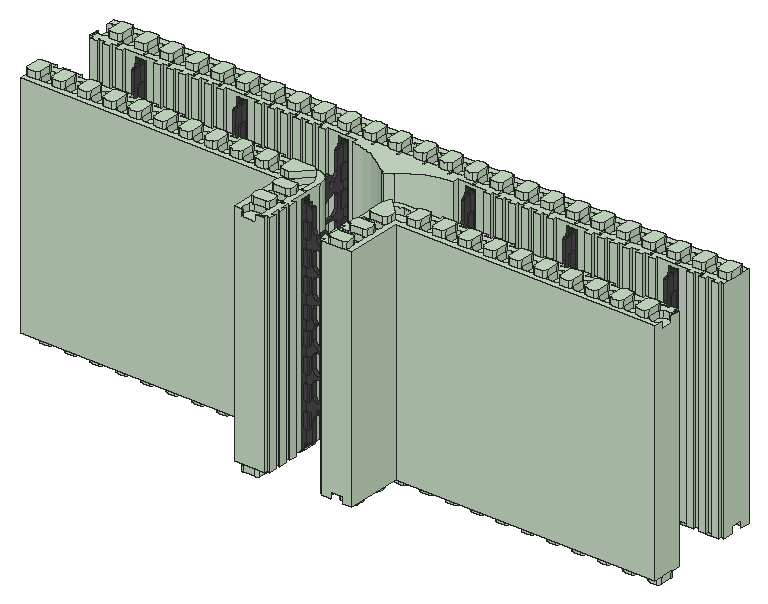
Revit family (continued)
Cuts and joins
  Extrusion 4 cuts Extrusion 43
  Extrusion 8 cuts Extrusion 44
  Extrusion 13 cuts Extrusion 42
  Extrusion 19 cuts Extrusion 45
Lines and regions (mm)
  model lines
    curve 1: line (-25.099, 92.462, 457.2) -> (-25.099, 92.462, 0)
Dimensions and locks
  aligned and locked: level to plane 2
  aligned and locked: Extrusion 1 to level
  aligned and locked: nested 40 to nested 41
  aligned and locked: nested 106 to nested 40
Nested families
  nested 1: "Interlock Tooth" at (-25.099, -253.677, 0) x (0, 1, 0) z (0, 0, 1), type "Interlock Tooth"
  nested 2: "Interlock Tooth" at (-25.099, -202.877, 0) x (0, 1, 0) z (0, 0, 1), type "Interlock Tooth"
  nested 3: "Interlock Tooth" at (25.701, -228.277, 0) x (0, 1, 0) z (0, 0, 1), type "Interlock Tooth"
  nested 4: "Interlock Tooth" at (25.701, -177.477, 0) x (0, 1, 0) z (0, 0, 1), type "Interlock Tooth"
  nested 5: "Interlock Tooth" at (-228.299, 0.323, 0), type "Interlock Tooth"
  nested 6: "Interlock Tooth" at (-177.499, 0.323, 0), type "Interlock Tooth"
  nested 7: "Interlock Tooth" at (127.301, 0.323, 0), type "Interlock Tooth"
  nested 8: "Interlock Tooth" at (178.101, 0.323, 0), type "Interlock Tooth"
  nested 9: "Interlock Tooth" at (-202.899, 0.323, -469.9), type "Interlock Tooth"
  nested 10: "Interlock Tooth" at (-152.099, 0.323, -469.9), type "Interlock Tooth"
  nested 11: "Interlock Tooth" at (203.501, 0.323, -469.9), type "Interlock Tooth"
  nested 12: "Interlock Tooth" at (152.701, 0.323, -469.9), type "Interlock Tooth"
  nested 13: "Interlock Tooth" at (25.701, -228.277, -469.9) x (0, -1, 0) z (0, 0, 1), type "Interlock Tooth"
  nested 14: "Interlock Tooth" at (25.701, -177.477, -469.9) x (0, -1, 0) z (0, 0, 1), type "Interlock Tooth"
  nested 15: "Interlock Tooth" at (-25.099, -228.277, -469.9) x (0, 1, 0) z (0, 0, 1), type "Interlock Tooth"
  nested 16: "Interlock Tooth" at (-25.099, -177.477, -469.9) x (0, 1, 0) z (0, 0, 1), type "Interlock Tooth"
  nested 17: "Interlock Tooth" at (-177.499, -50.478, 0) x (-1, 0, 0) z (0, 0, 1), type "Interlock Tooth"
  nested 18: "Interlock Tooth" at (-253.699, -50.478, -469.9) x (-1, 0, 0) z (0, 0, 1), type "Interlock Tooth"
  nested 19: "Interlock Tooth" at (-126.699, -50.478, 0) x (-1, 0, 0) z (0, 0, 1), type "Interlock Tooth"
  nested 20: "Interlock Tooth" at (-202.899, -50.478, -469.9) x (-1, 0, 0) z (0, 0, 1), type "Interlock Tooth"
  nested 21: "Interlock Tooth" at (-75.899, -50.478, 0) x (-1, 0, 0) z (0, 0, 1), type "Interlock Tooth"
  nested 22: "Interlock Tooth" at (-152.099, -50.478, -469.9) x (-1, 0, 0) z (0, 0, 1), type "Interlock Tooth"
  nested 23: "Interlock Tooth" at (-25.099, -50.478, 0) x (-1, 0, 0) z (0, 0, 1), type "Interlock Tooth"
  nested 24: "Interlock Tooth" at (-101.299, -50.478, -469.9) x (-1, 0, 0) z (0, 0, 1), type "Interlock Tooth"
  nested 25: "Interlock Tooth" at (25.701, -50.478, 0) x (-1, 0, 0) z (0, 0, 1), type "Interlock Tooth"
  nested 26: "Interlock Tooth" at (-50.499, -50.478, -469.9) x (-1, 0, 0) z (0, 0, 1), type "Interlock Tooth"
  nested 27: "Interlock Tooth" at (76.501, -50.478, 0) x (-1, 0, 0) z (0, 0, 1), type "Interlock Tooth"
  nested 28: "Interlock Tooth" at (0.301, -50.478, -469.9) x (-1, 0, 0) z (0, 0, 1), type "Interlock Tooth"
  nested 29: "Interlock Tooth" at (127.301, -50.478, 0) x (-1, 0, 0) z (0, 0, 1), type "Interlock Tooth"
  nested 30: "Interlock Tooth" at (51.101, -50.478, -469.9) x (-1, 0, 0) z (0, 0, 1), type "Interlock Tooth"
  nested 31: "Interlock Tooth" at (178.101, -50.478, 0) x (-1, 0, 0) z (0, 0, 1), type "Interlock Tooth"
  nested 32: "Interlock Tooth" at (101.901, -50.478, -469.9) x (-1, 0, 0) z (0, 0, 1), type "Interlock Tooth"
  nested 33: "Interlock Tooth" at (228.901, -50.478, 0) x (-1, 0, 0) z (0, 0, 1), type "Interlock Tooth"
  nested 34: "Interlock Tooth" at (152.701, -50.478, -469.9) x (-1, 0, 0) z (0, 0, 1), type "Interlock Tooth"
  nested 35: "Interlock Tooth" at (279.701, -50.478, 0) x (-1, 0, 0) z (0, 0, 1), type "Interlock Tooth"
  nested 36: "Interlock Tooth" at (203.501, -50.478, -469.9) x (-1, 0, 0) z (0, 0, 1), type "Interlock Tooth"
  nested 37: "NUDURA Diamond Pattern Missing Two Lines" at (-260.049, -253.677, 0) x (0, 1, 0) z (0, 0, 1), type "NUDURA Diamond Pattern minus Two lines"
  nested 38: "NUDURA Diamond Pattern Missing Two Lines" at (-228.299, 0.323, 0), type "NUDURA Diamond Pattern minus Two lines"
  nested 39: "NUDURA Diamond Pattern Missing Two Lines" at (-25.099, -253.677, 0) x (0, 1, 0) z (0, 0, 1), type "NUDURA Diamond Pattern minus Two lines"
  nested 40: "NUDURA Logo Diamond" at (432.036, 92.462, 0) x (-1, 0, 0) z (0, 0, 1), type "NUDURA Logo Diamond"
  nested 41: "NUDURA Logo Diamond" at (178.036, 92.462, 0) x (-1, 0, 0) z (0, 0, 1), type "NUDURA Logo Diamond"
  nested 42: "Interlock Tooth" at (-380.699, -50.478, 0) x (-1, 0, 0) z (0, 0, 1), type "Interlock Tooth"
  nested 43: "Interlock Tooth" at (-329.899, -50.478, 0) x (-1, 0, 0) z (0, 0, 1), type "Interlock Tooth"
  nested 44: "Interlock Tooth" at (-279.099, -50.478, 0) x (-1, 0, 0) z (0, 0, 1), type "Interlock Tooth"
  nested 45: "Interlock Tooth" at (-228.299, -50.478, 0) x (-1, 0, 0) z (0, 0, 1), type "Interlock Tooth"
  nested 46: "Interlock Tooth" at (-431.499, -50.478, 0) x (-1, 0, 0) z (0, 0, 1), type "Interlock Tooth"
  nested 47: "Interlock Tooth" at (-583.899, -50.478, 0) x (-1, 0, 0) z (0, 0, 1), type "Interlock Tooth"
  nested 48: "Interlock Tooth" at (-533.099, -50.478, 0) x (-1, 0, 0) z (0, 0, 1), type "Interlock Tooth"
  nested 49: "Interlock Tooth" at (-482.299, -50.478, 0) x (-1, 0, 0) z (0, 0, 1), type "Interlock Tooth"
  nested 50: "Interlock Tooth" at (-329.899, 0.323, 0), type "Interlock Tooth"
  nested 51: "Interlock Tooth" at (-279.099, 0.323, 0), type "Interlock Tooth"
  nested 52: "Interlock Tooth" at (-431.499, 0.323, 0), type "Interlock Tooth"
  nested 53: "Interlock Tooth" at (-380.699, 0.323, 0), type "Interlock Tooth"
  nested 54: "Interlock Tooth" at (-533.099, 0.323, 0), type "Interlock Tooth"
  nested 55: "Interlock Tooth" at (-482.299, 0.323, 0), type "Interlock Tooth"
  nested 56: "Interlock Tooth" at (-634.699, 0.323, 0), type "Interlock Tooth"
  nested 57: "Interlock Tooth" at (-583.899, 0.323, 0), type "Interlock Tooth"
  nested 58: "Interlock Tooth" at (228.901, 0.323, 0), type "Interlock Tooth"
  nested 59: "Interlock Tooth" at (279.701, 0.323, 0), type "Interlock Tooth"
  nested 60: "Interlock Tooth" at (330.501, 0.323, 0), type "Interlock Tooth"
  nested 61: "Interlock Tooth" at (381.301, 0.323, 0), type "Interlock Tooth"
  nested 62: "Interlock Tooth" at (432.101, 0.323, 0), type "Interlock Tooth"
  nested 63: "Interlock Tooth" at (482.901, 0.323, 0), type "Interlock Tooth"
  nested 64: "Interlock Tooth" at (533.701, 0.323, 0), type "Interlock Tooth"
  nested 65: "Interlock Tooth" at (584.501, 0.323, 0), type "Interlock Tooth"
  nested 66: "Interlock Tooth" at (381.301, -50.478, 0) x (-1, 0, 0) z (0, 0, 1), type "Interlock Tooth"
  nested 67: "Interlock Tooth" at (432.101, -50.478, 0) x (-1, 0, 0) z (0, 0, 1), type "Interlock Tooth"
  nested 68: "Interlock Tooth" at (482.901, -50.478, 0) x (-1, 0, 0) z (0, 0, 1), type "Interlock Tooth"
  nested 69: "Interlock Tooth" at (533.701, -50.478, 0) x (-1, 0, 0) z (0, 0, 1), type "Interlock Tooth"
  nested 70: "Interlock Tooth" at (584.501, -50.478, 0) x (-1, 0, 0) z (0, 0, 1), type "Interlock Tooth"
  nested 71: "Interlock Tooth" at (635.301, -50.478, 0) x (-1, 0, 0) z (0, 0, 1), type "Interlock Tooth"
  nested 72: "Interlock Tooth" at (330.501, -50.478, 0) x (-1, 0, 0) z (0, 0, 1), type "Interlock Tooth"
  nested 73: "Interlock Tooth" at (-304.499, 0.323, -469.9), type "Interlock Tooth"
  nested 74: "Interlock Tooth" at (-253.699, 0.323, -469.9), type "Interlock Tooth"
  nested 75: "Interlock Tooth" at (-406.099, 0.323, -469.9), type "Interlock Tooth"
  nested 76: "Interlock Tooth" at (-355.299, 0.323, -469.9), type "Interlock Tooth"
  nested 77: "Interlock Tooth" at (-507.699, 0.323, -469.9), type "Interlock Tooth"
  nested 78: "Interlock Tooth" at (-456.899, 0.323, -469.9), type "Interlock Tooth"
  nested 79: "Interlock Tooth" at (-609.299, 0.323, -469.9), type "Interlock Tooth"
  nested 80: "Interlock Tooth" at (-558.499, 0.323, -469.9), type "Interlock Tooth"
  nested 81: "Interlock Tooth" at (305.101, 0.323, -469.9), type "Interlock Tooth"
  nested 82: "Interlock Tooth" at (254.301, 0.323, -469.9), type "Interlock Tooth"
  nested 83: "Interlock Tooth" at (406.701, 0.323, -469.9), type "Interlock Tooth"
  nested 84: "Interlock Tooth" at (355.901, 0.323, -469.9), type "Interlock Tooth"
  nested 85: "Interlock Tooth" at (508.301, 0.323, -469.9), type "Interlock Tooth"
  nested 86: "Interlock Tooth" at (457.501, 0.323, -469.9), type "Interlock Tooth"
  nested 87: "Interlock Tooth" at (609.901, 0.323, -469.9), type "Interlock Tooth"
  nested 88: "Interlock Tooth" at (559.101, 0.323, -469.9), type "Interlock Tooth"
  nested 89: "Interlock Tooth" at (254.301, -50.478, -469.9) x (-1, 0, 0) z (0, 0, 1), type "Interlock Tooth"
  nested 90: "Interlock Tooth" at (305.101, -50.478, -469.9) x (-1, 0, 0) z (0, 0, 1), type "Interlock Tooth"
  nested 91: "Interlock Tooth" at (355.901, -50.478, -469.9) x (-1, 0, 0) z (0, 0, 1), type "Interlock Tooth"
  nested 92: "Interlock Tooth" at (406.701, -50.478, -469.9) x (-1, 0, 0) z (0, 0, 1), type "Interlock Tooth"
  nested 93: "Interlock Tooth" at (457.501, -50.478, -469.9) x (-1, 0, 0) z (0, 0, 1), type "Interlock Tooth"
  nested 94: "Interlock Tooth" at (508.301, -50.478, -469.9) x (-1, 0, 0) z (0, 0, 1), type "Interlock Tooth"
  nested 95: "Interlock Tooth" at (559.101, -50.478, -469.9) x (-1, 0, 0) z (0, 0, 1), type "Interlock Tooth"
  nested 96: "Interlock Tooth" at (609.901, -50.478, -469.9) x (-1, 0, 0) z (0, 0, 1), type "Interlock Tooth"
  nested 97: "Interlock Tooth" at (-609.299, -50.478, -469.9) x (-1, 0, 0) z (0, 0, 1), type "Interlock Tooth"
  nested 98: "Interlock Tooth" at (-558.499, -50.478, -469.9) x (-1, 0, 0) z (0, 0, 1), type "Interlock Tooth"
  nested 99: "Interlock Tooth" at (-507.699, -50.478, -469.9) x (-1, 0, 0) z (0, 0, 1), type "Interlock Tooth"
  nested 100: "Interlock Tooth" at (-456.899, -50.478, -469.9) x (-1, 0, 0) z (0, 0, 1), type "Interlock Tooth"
  nested 101: "Interlock Tooth" at (-406.099, -50.478, -469.9) x (-1, 0, 0) z (0, 0, 1), type "Interlock Tooth"
  nested 102: "Interlock Tooth" at (-355.299, -50.478, -469.9) x (-1, 0, 0) z (0, 0, 1), type "Interlock Tooth"
  nested 103: "Interlock Tooth" at (-304.499, -50.478, -469.9) x (-1, 0, 0) z (0, 0, 1), type "Interlock Tooth"
  nested 104: "NUDURA Diamond Pattern" at (-634.699, 235.337, 0), type "NUDURA Diamond Pattern"
  nested 105: "NUDURA Diamond Pattern" at (-431.499, 235.337, 0), type "NUDURA Diamond Pattern"
  nested 106: "NUDURA Diamond Pattern" at (432.101, -50.413, 0) x (-1, 0, 0) z (0, 0, 1), type "NUDURA Diamond Pattern"
  nested 107: "NUDURA Diamond Pattern" at (635.301, -50.413, 0) x (-1, 0, 0) z (0, 0, 1), type "NUDURA Diamond Pattern"
  nested 108: "NUDURA Logo Diamond" at (228.967, -142.487, 0), type "NUDURA Logo Diamond"
  nested 109: "NUDURA Logo Diamond" at (-837.833, -142.487, 0), type "NUDURA Logo Diamond"
  nested 110: "NUDURA Diamond Pattern" at (-431.499, 0.388, 0), type "NUDURA Diamond Pattern"
  nested 111: "NUDURA Diamond Pattern" at (228.901, 0.388, 0), type "NUDURA Diamond Pattern"
  nested 112: "NUDURA Diamond Pattern Missing Left Line" at (25.701, 0.388, 0), type "NUDURA Diamond Pattern missing left line"
  nested 113: "4-inch Insert Web" at (-533.099, -25.077, 0), type "4-inch Insert Web"
  nested 114: "4-inch Insert Web" at (-329.899, -25.077, 0), type "4-inch Insert Web"
  nested 115: "4-inch Insert Web" at (-126.699, -25.077, 0), type "4-inch Insert Web"
  nested 116: "4-inch Insert Web" at (127.301, -25.077, 0), type "4-inch Insert Web"
  nested 117: "4-inch Insert Web" at (330.501, -25.077, 0), type "4-inch Insert Web"
  nested 118: "4-inch Insert Web" at (533.701, -25.077, 0), type "4-inch Insert Web"
  nested 119: "4-inch Insert Web" at (0.301, -152.077, 0) x (0, 1, 0) z (0, 0, 1), type "4-inch Insert Web"
Definition of nested family "Interlock Tooth"
  Reference planes
    plane 1 "Center (Front/Back)": y = 0
    plane 2: z = 0
    plane 3 "Center (Left/Right)": x = 0
    plane 4: z = 457.2
    plane 5: z = 469.9
    plane 6: z = -12.7
  Forms (mm)
    Extrusion 1, solid, material "NUDURA Expanded Polystyrene Foam Insulation"
      sketch origin (0, -225.425, 0) x (1, 0, 0) y (0, 1, 0)
        loop
          arc (0, 101.014) -> (1.215, 97.278) -> (4.396, 94.972) r 6.35
          arc (4.396, 94.972) -> (12.7, 93.663) -> (21.004, 94.972) r 26.988
          arc (21.004, 94.972) -> (24.185, 97.278) -> (25.4, 101.014) r 6.35
          line (25.4, 101.014) -> (25.4, 124.411)
          arc (25.4, 124.411) -> (24.185, 128.147) -> (21.004, 130.453) r 6.35
          arc (21.004, 130.453) -> (12.7, 131.763) -> (4.396, 130.453) r 26.987
          arc (4.396, 130.453) -> (1.215, 128.147) -> (0, 124.411) r 6.35
          line (0, 124.411) -> (0, 101.014)
      from 457.2 to 469.9
  Dimensions and locks
    locked: plane 4 to level at 457.2
    locked: plane 4 to plane 5 at 12.7
    locked: plane 6 to level at 12.7
Definition of nested family "4-inch Insert Web"
  Reference planes
    plane 1 "Center (Front/Back)": y = 0
    plane 2: z = 0
    plane 3 "Center (Left/Right)": x = 0
  Forms (mm)
    Extrusion 1, solid, material "High Density Polystyrene"
      sketch origin (0, 0, 0) x (0, 1, 0) y (0, 0, 1)
        loop
          line (57.15, 0) -> (57.15, 450.744)
          arc (57.15, 450.744) -> (56.417, 450.243) -> (56.134, 449.4) r 1.397
          line (56.134, 449.4) -> (56.134, 1.344)
          arc (56.134, 1.344) -> (56.417, 0.502) -> (57.15, 0) r 1.397
        loop
          arc (-57.15, 0) -> (-56.417, 0.502) -> (-56.134, 1.344) r 1.397
          line (-56.134, 1.344) -> (-56.134, 449.4)
          arc (-56.134, 449.4) -> (-56.417, 450.243) -> (-57.15, 450.744) r 1.397
          line (-57.15, 450.744) -> (-57.15, 0)
      from 9.227 to -9.227
    Extrusion 2, solid, material "High Density Polystyrene"
      sketch origin (0, 0, 0) x (0, 1, 0) y (0, 0, 1)
        loop
          arc (55.598, 442.16) -> (55.975, 442.021) -> (56.134, 441.652) r 0.508
          line (56.134, 441.652) -> (56.134, 447.972)
          arc (56.134, 447.972) -> (56.029, 447.585) -> (55.742, 447.306) r 0.762
          line (55.742, 447.306) -> (53.986, 446.33)
          arc (53.986, 446.33) -> (53.699, 446.05) -> (53.594, 445.664) r 0.762
          line (53.594, 445.664) -> (53.594, 442.585)
          arc (53.594, 442.585) -> (53.753, 442.216) -> (54.13, 442.078) r 0.508
          line (54.13, 442.078) -> (55.598, 442.16)
        loop
          line (-53.986, 446.33) -> (-55.742, 447.306)
          arc (-55.742, 447.306) -> (-56.029, 447.585) -> (-56.134, 447.972) r 0.762
          line (-56.134, 447.972) -> (-56.134, 441.652)
          arc (-56.134, 441.652) -> (-55.975, 442.021) -> (-55.598, 442.16) r 0.508
          line (-55.598, 442.16) -> (-54.13, 442.078)
          arc (-54.13, 442.078) -> (-53.753, 442.216) -> (-53.594, 442.585) r 0.508
          line (-53.594, 442.585) -> (-53.594, 445.664)
          arc (-53.594, 445.664) -> (-53.699, 446.05) -> (-53.986, 446.33) r 0.762
        loop
          line (55.598, 8.585) -> (54.13, 8.666)
          arc (54.13, 8.666) -> (53.753, 8.528) -> (53.594, 8.159) r 0.508
          line (53.594, 8.159) -> (53.594, 5.08)
          arc (53.594, 5.08) -> (53.699, 4.694) -> (53.986, 4.414) r 0.762
          line (53.986, 4.414) -> (55.742, 3.439)
          arc (55.742, 3.439) -> (56.029, 3.159) -> (56.134, 2.772) r 0.762
          line (56.134, 2.772) -> (56.134, 9.092)
          arc (56.134, 9.092) -> (55.975, 8.723) -> (55.598, 8.585) r 0.508
        loop
          arc (-53.986, 4.414) -> (-53.699, 4.694) -> (-53.594, 5.08) r 0.762
          line (-53.594, 5.08) -> (-53.594, 8.159)
          arc (-53.594, 8.159) -> (-53.753, 8.528) -> (-54.13, 8.666) r 0.508
          line (-54.13, 8.666) -> (-55.598, 8.585)
          arc (-55.598, 8.585) -> (-55.975, 8.723) -> (-56.134, 9.092) r 0.508
          line (-56.134, 9.092) -> (-56.134, 2.772)
          arc (-56.134, 2.772) -> (-56.029, 3.159) -> (-55.742, 3.439) r 0.762
          line (-55.742, 3.439) -> (-53.986, 4.414)
        loop
          line (50.8, 437.076) -> (48.895, 442.918)
          arc (48.895, 442.918) -> (47.625, 443.68) -> (46.355, 442.918) r 1.439
          line (46.355, 442.918) -> (45.113, 439.108) -> (41.883, 439.108)
          arc (41.883, 439.108) -> (41.004, 438.744) -> (40.64, 437.865) r 1.243
          line (40.64, 437.865) -> (40.64, 437.076) -> (38.1, 437.076) -> (38.1, 400.201)
          arc (38.1, 400.201) -> (36.344, 393.421) -> (31.518, 388.345) r 13.97
          arc (31.518, 388.345) -> (30.285, 386.915) -> (30.081, 385.039) r 3.175
          arc (30.081, 385.039) -> (18.776, 376.743) -> (19.602, 390.741) r 7.747
          arc (19.602, 390.741) -> (22.454, 398.563) -> (14.366, 400.538) r 5.588
          arc (14.366, 400.538) -> (7.52, 397.224) -> (0, 396.085) r 25.4
          arc (0, 396.085) -> (-7.52, 397.224) -> (-14.366, 400.538) r 25.4
          arc (-14.366, 400.538) -> (-22.454, 398.563) -> (-19.602, 390.741) r 5.588
          arc (-19.602, 390.741) -> (-18.776, 376.743) -> (-30.081, 385.039) r 7.747
          arc (-30.081, 385.039) -> (-30.285, 386.915) -> (-31.518, 388.345) r 3.175
          arc (-31.518, 388.345) -> (-36.344, 393.421) -> (-38.1, 400.201) r 13.97
          line (-38.1, 400.201) -> (-38.1, 437.076) -> (-40.64, 437.076) -> (-40.64, 437.865)
          arc (-40.64, 437.865) -> (-41.004, 438.744) -> (-41.883, 439.108) r 1.243
          line (-41.883, 439.108) -> (-45.113, 439.108) -> (-46.355, 442.918)
          arc (-46.355, 442.918) -> (-47.625, 443.68) -> (-48.895, 442.918) r 1.439
          line (-48.895, 442.918) -> (-50.8, 437.076) -> (-50.8, 16.896) -> (-48.895, 11.054)
          arc (-48.895, 11.054) -> (-47.625, 10.292) -> (-46.355, 11.054) r 1.439
          line (-46.355, 11.054) -> (-45.113, 14.864) -> (-41.883, 14.864)
          arc (-41.883, 14.864) -> (-41.004, 15.228) -> (-40.64, 16.107) r 1.243
          line (-40.64, 16.107) -> (-40.64, 16.896) -> (-38.1, 16.896) -> (-38.1, 56.999)
          arc (-38.1, 56.999) -> (-36.344, 63.779) -> (-31.518, 68.855) r 13.97
          arc (-31.518, 68.855) -> (-30.285, 70.285) -> (-30.081, 72.161) r 3.175
          arc (-30.081, 72.161) -> (-18.776, 80.457) -> (-19.602, 66.459) r 7.747
          arc (-19.602, 66.459) -> (-22.454, 58.637) -> (-14.366, 56.662) r 5.588
          arc (-14.366, 56.662) -> (-7.52, 59.976) -> (0, 61.115) r 25.4
          arc (0, 61.115) -> (7.52, 59.976) -> (14.366, 56.662) r 25.4
          arc (14.366, 56.662) -> (22.454, 58.637) -> (19.602, 66.459) r 5.588
          arc (19.602, 66.459) -> (18.776, 80.457) -> (30.081, 72.161) r 7.747
          arc (30.081, 72.161) -> (30.285, 70.285) -> (31.518, 68.855) r 3.175
          arc (31.518, 68.855) -> (36.344, 63.779) -> (38.1, 56.999) r 13.97
          line (38.1, 56.999) -> (38.1, 16.896) -> (40.64, 16.896) -> (40.64, 16.107)
          arc (40.64, 16.107) -> (41.004, 15.228) -> (41.883, 14.864) r 1.243
          line (41.883, 14.864) -> (45.113, 14.864) -> (46.355, 11.054)
          arc (46.355, 11.054) -> (47.625, 10.292) -> (48.895, 11.054) r 1.439
          line (48.895, 11.054) -> (50.8, 16.896) -> (50.8, 437.076)
        loop
          line (28.016, 366.947) -> (8.37, 357.753)
          arc (8.37, 357.753) -> (4.342, 351.679) -> (1.524, 344.958) r 38.683
          line (1.524, 344.958) -> (1.524, 330.717)
          arc (1.524, 330.717) -> (4.39, 325.677) -> (9.462, 322.866) r 10.723
          line (9.462, 322.866) -> (28.575, 322.866)
          arc (28.575, 322.866) -> (34.302, 326.664) -> (38.1, 332.391) r 17.304
          line (38.1, 332.391) -> (38.1, 358.508)
          arc (38.1, 358.508) -> (34.431, 364.369) -> (28.016, 366.947) r 11.169
        loop
          arc (-28.016, 366.947) -> (-34.431, 364.369) -> (-38.1, 358.508) r 11.169
          line (-38.1, 358.508) -> (-38.1, 332.391)
          arc (-38.1, 332.391) -> (-34.302, 326.664) -> (-28.575, 322.866) r 17.304
          line (-28.575, 322.866) -> (-9.462, 322.866)
          arc (-9.462, 322.866) -> (-4.39, 325.677) -> (-1.524, 330.717) r 10.723
          line (-1.524, 330.717) -> (-1.524, 344.958)
          arc (-1.524, 344.958) -> (-4.342, 351.679) -> (-8.37, 357.753) r 38.683
          line (-8.37, 357.753) -> (-28.016, 366.947)
        loop
          arc (28.016, 274.213) -> (34.431, 276.792) -> (38.1, 282.652) r 11.169
          line (38.1, 282.652) -> (38.1, 308.769)
          arc (38.1, 308.769) -> (34.302, 314.497) -> (28.575, 318.294) r 17.304
          line (28.575, 318.294) -> (9.462, 318.294)
          arc (9.462, 318.294) -> (4.39, 315.483) -> (1.524, 310.443) r 10.723
          line (1.524, 310.443) -> (1.524, 296.202)
          arc (1.524, 296.202) -> (4.342, 289.481) -> (8.37, 283.408) r 38.683
          line (8.37, 283.408) -> (28.016, 274.213)
        loop
          line (-28.016, 274.213) -> (-8.37, 283.408)
          arc (-8.37, 283.408) -> (-4.342, 289.481) -> (-1.524, 296.202) r 38.683
          line (-1.524, 296.202) -> (-1.524, 310.443)
          arc (-1.524, 310.443) -> (-4.39, 315.483) -> (-9.462, 318.294) r 10.723
          line (-9.462, 318.294) -> (-28.575, 318.294)
          arc (-28.575, 318.294) -> (-34.302, 314.497) -> (-38.1, 308.769) r 17.304
          line (-38.1, 308.769) -> (-38.1, 282.652)
          arc (-38.1, 282.652) -> (-34.431, 276.792) -> (-28.016, 274.213) r 11.169
        loop
          arc (10.766, 277.238) -> (5.515, 279.027) -> (0, 279.633) r 25.4
          arc (0, 279.633) -> (-5.515, 279.027) -> (-10.766, 277.238) r 25.4
          line (-10.766, 277.238) -> (-30.783, 267.87)
          arc (-30.783, 267.87) -> (-36.116, 263.184) -> (-38.1, 256.368) r 12.7
          line (-38.1, 256.368) -> (-38.1, 236.534) -> (-35.052, 231.454) -> (-35.052, 228.6) -> (-35.052, 225.746) -> (-38.1, 220.666) -> (-38.1, 200.832)
          arc (-38.1, 200.832) -> (-36.116, 194.016) -> (-30.783, 189.33) r 12.7
          line (-30.783, 189.33) -> (-10.766, 179.962)
          arc (-10.766, 179.962) -> (-5.515, 178.173) -> (0, 177.567) r 25.4
          arc (0, 177.567) -> (5.515, 178.173) -> (10.766, 179.962) r 25.4
          line (10.766, 179.962) -> (30.783, 189.33)
          arc (30.783, 189.33) -> (36.116, 194.016) -> (38.1, 200.832) r 12.7
          line (38.1, 200.832) -> (38.1, 220.666) -> (35.052, 225.746) -> (35.052, 228.6) -> (35.052, 231.454) -> (38.1, 236.534) -> (38.1, 256.368)
          arc (38.1, 256.368) -> (36.116, 263.184) -> (30.783, 267.87) r 12.7
          line (30.783, 267.87) -> (10.766, 277.238)
        loop
          arc (28.016, 90.253) -> (34.431, 92.831) -> (38.1, 98.692) r 11.169
          line (38.1, 98.692) -> (38.1, 124.809)
          arc (38.1, 124.809) -> (34.302, 130.536) -> (28.575, 134.334) r 17.304
          line (28.575, 134.334) -> (9.462, 134.334)
          arc (9.462, 134.334) -> (4.39, 131.523) -> (1.524, 126.483) r 10.723
          line (1.524, 126.483) -> (1.524, 112.242)
          arc (1.524, 112.242) -> (4.342, 105.521) -> (8.37, 99.447) r 38.683
          line (8.37, 99.447) -> (28.016, 90.253)
        loop
          line (-28.016, 90.253) -> (-8.37, 99.447)
          arc (-8.37, 99.447) -> (-4.342, 105.521) -> (-1.524, 112.242) r 38.683
          line (-1.524, 112.242) -> (-1.524, 126.483)
          arc (-1.524, 126.483) -> (-4.39, 131.523) -> (-9.462, 134.334) r 10.723
          line (-9.462, 134.334) -> (-28.575, 134.334)
          arc (-28.575, 134.334) -> (-34.302, 130.536) -> (-38.1, 124.809) r 17.304
          line (-38.1, 124.809) -> (-38.1, 98.692)
          arc (-38.1, 98.692) -> (-34.431, 92.831) -> (-28.016, 90.253) r 11.169
        loop
          line (28.016, 182.987) -> (8.37, 173.792)
          arc (8.37, 173.792) -> (4.342, 167.719) -> (1.524, 160.998) r 38.683
          line (1.524, 160.998) -> (1.524, 146.757)
          arc (1.524, 146.757) -> (4.39, 141.717) -> (9.462, 138.906) r 10.723
          line (9.462, 138.906) -> (28.575, 138.906)
          arc (28.575, 138.906) -> (34.302, 142.703) -> (38.1, 148.431) r 17.304
          line (38.1, 148.431) -> (38.1, 174.548)
          arc (38.1, 174.548) -> (34.431, 180.408) -> (28.016, 182.987) r 11.169
        loop
          arc (-28.016, 182.987) -> (-34.431, 180.408) -> (-38.1, 174.548) r 11.169
          line (-38.1, 174.548) -> (-38.1, 148.431)
          arc (-38.1, 148.431) -> (-34.302, 142.703) -> (-28.575, 138.906) r 17.304
          line (-28.575, 138.906) -> (-9.462, 138.906)
          arc (-9.462, 138.906) -> (-4.39, 141.717) -> (-1.524, 146.757) r 10.723
          line (-1.524, 146.757) -> (-1.524, 160.998)
          arc (-1.524, 160.998) -> (-4.342, 167.719) -> (-8.37, 173.792) r 38.683
          line (-8.37, 173.792) -> (-28.016, 182.987)
      from 3.175 to -3.175
    Extrusion 3, solid, material "High Density Polystyrene"
      sketch origin (0, 0, 0) x (0, 1, 0) y (0, 0, 1)
        loop
          line (56.134, 410.919) -> (43.434, 410.919) -> (43.434, 380.439) -> (56.134, 380.439) -> (56.134, 410.919)
        loop
          line (56.134, 361.389) -> (43.434, 361.389) -> (43.434, 330.909) -> (56.134, 330.909) -> (56.134, 361.389)
        loop
          line (56.134, 311.859) -> (43.434, 311.859) -> (43.434, 281.379) -> (56.134, 281.379) -> (56.134, 311.859)
        loop
          line (56.134, 262.329) -> (43.434, 262.329) -> (43.434, 234.897) -> (56.134, 234.897) -> (56.134, 262.329)
        loop
          line (56.134, 215.847) -> (43.434, 215.847) -> (43.434, 188.415) -> (56.134, 188.415) -> (56.134, 215.847)
        loop
          line (56.134, 169.365) -> (43.434, 169.365) -> (43.434, 138.885) -> (56.134, 138.885) -> (56.134, 169.365)
        loop
          line (56.134, 119.835) -> (43.434, 119.835) -> (43.434, 89.355) -> (56.134, 89.355) -> (56.134, 119.835)
        loop
          line (56.134, 70.305) -> (43.434, 70.305) -> (43.434, 39.825) -> (56.134, 39.825) -> (56.134, 70.305)
        loop
          line (-56.134, 410.919) -> (-56.134, 380.439) -> (-43.434, 380.439) -> (-43.434, 410.919) -> (-56.134, 410.919)
        loop
          line (-56.134, 361.389) -> (-56.134, 330.909) -> (-43.434, 330.909) -> (-43.434, 361.389) -> (-56.134, 361.389)
        loop
          line (-56.134, 311.859) -> (-56.134, 281.379) -> (-43.434, 281.379) -> (-43.434, 311.859) -> (-56.134, 311.859)
        loop
          line (-56.134, 262.329) -> (-56.134, 234.897) -> (-43.434, 234.897) -> (-43.434, 262.329) -> (-56.134, 262.329)
        loop
          line (-56.134, 215.847) -> (-56.134, 188.415) -> (-43.434, 188.415) -> (-43.434, 215.847) -> (-56.134, 215.847)
        loop
          line (-56.134, 169.365) -> (-56.134, 138.885) -> (-43.434, 138.885) -> (-43.434, 169.365) -> (-56.134, 169.365)
        loop
          line (-56.134, 119.835) -> (-56.134, 89.355) -> (-43.434, 89.355) -> (-43.434, 119.835) -> (-56.134, 119.835)
        loop
          line (-56.134, 70.305) -> (-56.134, 39.825) -> (-43.434, 39.825) -> (-43.434, 70.305) -> (-56.134, 70.305)
      from 6.35 to -6.35
    Extrusion 4, void
      sketch origin (0, -25.4, 0) x (1, 0, 0) y (0, 1, 0)
        loop
          line (-6.35, 70.929) -> (-6.35, 68.834) -> (-4.255, 68.834)
          arc (-4.255, 68.834) -> (-5.736, 69.448) -> (-6.35, 70.929) r 2.095
      from 0 to 457.2
    Extrusion 5, void
      sketch origin (0, -25.4, 0) x (-1, 0, 0) y (0, -1, 0)
        loop
          arc (-6.35, -70.929) -> (-5.736, -69.448) -> (-4.255, -68.834) r 2.095
          line (-4.255, -68.834) -> (-6.35, -68.834) -> (-6.35, -70.929)
      from 0 to 457.2
    Extrusion 6, void
      sketch origin (0, 25.4, 0) x (1, 0, 0) y (0, 1, 0)
        loop
          arc (-6.35, -70.929) -> (-5.736, -69.448) -> (-4.255, -68.834) r 2.095
          line (-4.255, -68.834) -> (-6.35, -68.834) -> (-6.35, -70.929)
      from 0 to 457.2
    Extrusion 7, void
      sketch origin (0, 25.4, 0) x (-1, 0, 0) y (0, -1, 0)
        loop
          line (-6.35, 70.929) -> (-6.35, 68.834) -> (-4.255, 68.834)
          arc (-4.255, 68.834) -> (-5.736, 69.448) -> (-6.35, 70.929) r 2.095
      from 0 to 457.2
  Cuts and joins
    Extrusion 4, Extrusion 5, Extrusion 6, Extrusion 7 cuts Extrusion 1
    Extrusion 4, Extrusion 5, Extrusion 6, Extrusion 7 cuts Extrusion 3
Definition of nested family "NUDURA Diamond Pattern Missing Two Lines"
  Reference planes
    plane 1 "Center (Front/Back)": y = 0
    plane 2: z = 0
    plane 3 "Center (Left/Right)": x = 0
    plane 4: z = 457.2
  Lines and regions (mm)
    model lines
      curve 1: line (50.8, -142.875, 457.2) -> (50.8, -142.875, 0)
      curve 2: line (85.183, -142.875, 431.415) -> (93.906, -142.875, 422.692)
      curve 3: arc (85.183, -142.875, 444.885) -> (82.394, -142.875, 438.15) -> (85.183, -142.875, 431.415) r 9.525
      curve 4: line (94.708, -142.875, 454.41) -> (85.183, -142.875, 444.885)
      curve 5: arc (108.179, -142.875, 454.41) -> (101.444, -142.875, 457.2) -> (94.708, -142.875, 454.41) r 9.525
      curve 6: line (117.704, -142.875, 444.885) -> (108.179, -142.875, 454.41)
      curve 7: arc (117.704, -142.875, 431.415) -> (120.494, -142.875, 438.15) -> (117.704, -142.875, 444.885) r 9.525
      curve 8: line (108.981, -142.875, 422.692) -> (117.704, -142.875, 431.415)
      curve 9: arc (105.934, -142.875, 452.165) -> (101.444, -142.875, 454.025) -> (96.953, -142.875, 452.165) r 6.35
      curve 10: line (115.459, -142.875, 442.64) -> (105.934, -142.875, 452.165)
      curve 11: arc (115.459, -142.875, 433.66) -> (117.319, -142.875, 438.15) -> (115.459, -142.875, 442.64) r 6.35
      curve 12: line (105.934, -142.875, 424.135) -> (115.459, -142.875, 433.66)
      curve 13: arc (96.953, -142.875, 424.135) -> (101.444, -142.875, 422.275) -> (105.934, -142.875, 424.135) r 6.35
      curve 14: line (87.428, -142.875, 433.66) -> (96.953, -142.875, 424.135)
      curve 15: arc (87.428, -142.875, 442.64) -> (85.569, -142.875, 438.15) -> (87.428, -142.875, 433.66) r 6.35
      curve 16: line (96.953, -142.875, 452.165) -> (87.428, -142.875, 442.64)
      curve 17: arc (93.906, -142.875, 415.508) -> (95.394, -142.875, 419.1) -> (93.906, -142.875, 422.692) r 5.08
      curve 18: line (117.704, -142.875, 406.785) -> (108.981, -142.875, 415.508)
      curve 19: arc (117.704, -142.875, 393.315) -> (120.494, -142.875, 400.05) -> (117.704, -142.875, 406.785) r 9.525
      curve 20: line (108.981, -142.875, 384.592) -> (117.704, -142.875, 393.315)
      curve 21: line (85.183, -142.875, 393.315) -> (93.906, -142.875, 384.592)
      curve 22: arc (85.183, -142.875, 406.785) -> (82.394, -142.875, 400.05) -> (85.183, -142.875, 393.315) r 9.525
      curve 23: line (93.906, -142.875, 415.508) -> (85.183, -142.875, 406.785)
      curve 24: arc (105.934, -142.875, 414.065) -> (101.444, -142.875, 415.925) -> (96.953, -142.875, 414.065) r 6.35
      curve 25: line (96.953, -142.875, 414.065) -> (87.428, -142.875, 404.54)
      curve 26: arc (87.428, -142.875, 404.54) -> (85.569, -142.875, 400.05) -> (87.428, -142.875, 395.56) r 6.35
      curve 27: line (87.428, -142.875, 395.56) -> (96.953, -142.875, 386.035)
      curve 28: arc (96.953, -142.875, 386.035) -> (101.444, -142.875, 384.175) -> (105.934, -142.875, 386.035) r 6.35
      curve 29: line (105.934, -142.875, 386.035) -> (115.459, -142.875, 395.56)
      curve 30: arc (115.459, -142.875, 395.56) -> (117.319, -142.875, 400.05) -> (115.459, -142.875, 404.54) r 6.35
      curve 31: line (115.459, -142.875, 404.54) -> (105.934, -142.875, 414.065)
      curve 32: arc (93.906, -142.875, 377.408) -> (95.394, -142.875, 381) -> (93.906, -142.875, 384.592) r 5.08
      curve 33: line (117.704, -142.875, 368.685) -> (108.981, -142.875, 377.408)
      curve 34: arc (117.704, -142.875, 355.215) -> (120.494, -142.875, 361.95) -> (117.704, -142.875, 368.685) r 9.525
      curve 35: line (108.981, -142.875, 346.492) -> (117.704, -142.875, 355.215)
      curve 36: line (85.183, -142.875, 355.215) -> (93.906, -142.875, 346.492)
      curve 37: arc (85.183, -142.875, 368.685) -> (82.394, -142.875, 361.95) -> (85.183, -142.875, 355.215) r 9.525
      curve 38: line (93.906, -142.875, 377.408) -> (85.183, -142.875, 368.685)
      curve 39: arc (105.934, -142.875, 375.965) -> (101.444, -142.875, 377.825) -> (96.953, -142.875, 375.965) r 6.35
      curve 40: line (96.953, -142.875, 375.965) -> (87.428, -142.875, 366.44)
      curve 41: arc (87.428, -142.875, 366.44) -> (85.569, -142.875, 361.95) -> (87.428, -142.875, 357.46) r 6.35
      curve 42: line (87.428, -142.875, 357.46) -> (96.953, -142.875, 347.935)
      curve 43: arc (96.953, -142.875, 347.935) -> (101.444, -142.875, 346.075) -> (105.934, -142.875, 347.935) r 6.35
      curve 44: line (105.934, -142.875, 347.935) -> (115.459, -142.875, 357.46)
      curve 45: arc (115.459, -142.875, 357.46) -> (117.319, -142.875, 361.95) -> (115.459, -142.875, 366.44) r 6.35
      curve 46: line (115.459, -142.875, 366.44) -> (105.934, -142.875, 375.965)
      curve 47: arc (93.906, -142.875, 339.308) -> (95.394, -142.875, 342.9) -> (93.906, -142.875, 346.492) r 5.08
      curve 48: line (117.704, -142.875, 330.585) -> (108.981, -142.875, 339.308)
      curve 49: arc (117.704, -142.875, 317.115) -> (120.494, -142.875, 323.85) -> (117.704, -142.875, 330.585) r 9.525
      curve 50: line (108.981, -142.875, 308.392) -> (117.704, -142.875, 317.115)
      curve 51: line (85.183, -142.875, 317.115) -> (93.906, -142.875, 308.392)
      curve 52: arc (85.183, -142.875, 330.585) -> (82.394, -142.875, 323.85) -> (85.183, -142.875, 317.115) r 9.525
      curve 53: line (93.906, -142.875, 339.308) -> (85.183, -142.875, 330.585)
      curve 54: arc (105.934, -142.875, 337.865) -> (101.444, -142.875, 339.725) -> (96.953, -142.875, 337.865) r 6.35
      curve 55: line (96.953, -142.875, 337.865) -> (87.428, -142.875, 328.34)
      curve 56: arc (87.428, -142.875, 328.34) -> (85.569, -142.875, 323.85) -> (87.428, -142.875, 319.36) r 6.35
      curve 57: line (87.428, -142.875, 319.36) -> (96.953, -142.875, 309.835)
      curve 58: arc (96.953, -142.875, 309.835) -> (101.444, -142.875, 307.975) -> (105.934, -142.875, 309.835) r 6.35
      curve 59: line (105.934, -142.875, 309.835) -> (115.459, -142.875, 319.36)
      curve 60: arc (115.459, -142.875, 319.36) -> (117.319, -142.875, 323.85) -> (115.459, -142.875, 328.34) r 6.35
      curve 61: line (115.459, -142.875, 328.34) -> (105.934, -142.875, 337.865)
      curve 62: arc (93.906, -142.875, 301.208) -> (95.394, -142.875, 304.8) -> (93.906, -142.875, 308.392) r 5.08
      curve 63: line (117.704, -142.875, 292.485) -> (108.981, -142.875, 301.208)
      curve 64: arc (117.704, -142.875, 279.015) -> (120.494, -142.875, 285.75) -> (117.704, -142.875, 292.485) r 9.525
      curve 65: line (108.981, -142.875, 270.292) -> (117.704, -142.875, 279.015)
      curve 66: line (85.183, -142.875, 279.015) -> (93.906, -142.875, 270.292)
      curve 67: arc (85.183, -142.875, 292.485) -> (82.394, -142.875, 285.75) -> (85.183, -142.875, 279.015) r 9.525
      curve 68: line (93.906, -142.875, 301.208) -> (85.183, -142.875, 292.485)
      curve 69: arc (105.934, -142.875, 299.765) -> (101.444, -142.875, 301.625) -> (96.953, -142.875, 299.765) r 6.35
      curve 70: line (96.953, -142.875, 299.765) -> (87.428, -142.875, 290.24)
      curve 71: arc (87.428, -142.875, 290.24) -> (85.569, -142.875, 285.75) -> (87.428, -142.875, 281.26) r 6.35
      curve 72: line (87.428, -142.875, 281.26) -> (96.953, -142.875, 271.735)
      curve 73: arc (96.953, -142.875, 271.735) -> (101.444, -142.875, 269.875) -> (105.934, -142.875, 271.735) r 6.35
      curve 74: line (105.934, -142.875, 271.735) -> (115.459, -142.875, 281.26)
      curve 75: arc (115.459, -142.875, 281.26) -> (117.319, -142.875, 285.75) -> (115.459, -142.875, 290.24) r 6.35
      curve 76: line (115.459, -142.875, 290.24) -> (105.934, -142.875, 299.765)
      curve 77: arc (93.906, -142.875, 263.108) -> (95.394, -142.875, 266.7) -> (93.906, -142.875, 270.292) r 5.08
      curve 78: line (117.704, -142.875, 254.385) -> (108.981, -142.875, 263.108)
      curve 79: arc (117.704, -142.875, 240.915) -> (120.494, -142.875, 247.65) -> (117.704, -142.875, 254.385) r 9.525
      curve 80: line (108.981, -142.875, 232.192) -> (117.704, -142.875, 240.915)
      curve 81: line (85.183, -142.875, 240.915) -> (93.906, -142.875, 232.192)
      curve 82: arc (85.183, -142.875, 254.385) -> (82.394, -142.875, 247.65) -> (85.183, -142.875, 240.915) r 9.525
      curve 83: line (93.906, -142.875, 263.108) -> (85.183, -142.875, 254.385)
      curve 84: arc (105.934, -142.875, 261.665) -> (101.444, -142.875, 263.525) -> (96.953, -142.875, 261.665) r 6.35
      curve 85: line (96.953, -142.875, 261.665) -> (87.428, -142.875, 252.14)
      curve 86: arc (87.428, -142.875, 252.14) -> (85.569, -142.875, 247.65) -> (87.428, -142.875, 243.16) r 6.35
      curve 87: line (87.428, -142.875, 243.16) -> (96.953, -142.875, 233.635)
      curve 88: arc (96.953, -142.875, 233.635) -> (101.444, -142.875, 231.775) -> (105.934, -142.875, 233.635) r 6.35
      curve 89: line (105.934, -142.875, 233.635) -> (115.459, -142.875, 243.16)
      curve 90: arc (115.459, -142.875, 243.16) -> (117.319, -142.875, 247.65) -> (115.459, -142.875, 252.14) r 6.35
      curve 91: line (115.459, -142.875, 252.14) -> (105.934, -142.875, 261.665)
      curve 92: arc (93.906, -142.875, 225.008) -> (95.394, -142.875, 228.6) -> (93.906, -142.875, 232.192) r 5.08
      curve 93: line (117.704, -142.875, 216.285) -> (108.981, -142.875, 225.008)
      curve 94: arc (117.704, -142.875, 202.815) -> (120.494, -142.875, 209.55) -> (117.704, -142.875, 216.285) r 9.525
      curve 95: line (108.981, -142.875, 194.092) -> (117.704, -142.875, 202.815)
      curve 96: line (85.183, -142.875, 202.815) -> (93.906, -142.875, 194.092)
      curve 97: arc (85.183, -142.875, 216.285) -> (82.394, -142.875, 209.55) -> (85.183, -142.875, 202.815) r 9.525
      curve 98: line (93.906, -142.875, 225.008) -> (85.183, -142.875, 216.285)
      curve 99: arc (105.934, -142.875, 223.565) -> (101.444, -142.875, 225.425) -> (96.953, -142.875, 223.565) r 6.35
      curve 100: line (96.953, -142.875, 223.565) -> (87.428, -142.875, 214.04)
      curve 101: arc (87.428, -142.875, 214.04) -> (85.569, -142.875, 209.55) -> (87.428, -142.875, 205.06) r 6.35
      curve 102: line (87.428, -142.875, 205.06) -> (96.953, -142.875, 195.535)
      curve 103: arc (96.953, -142.875, 195.535) -> (101.444, -142.875, 193.675) -> (105.934, -142.875, 195.535) r 6.35
      curve 104: line (105.934, -142.875, 195.535) -> (115.459, -142.875, 205.06)
      curve 105: arc (115.459, -142.875, 205.06) -> (117.319, -142.875, 209.55) -> (115.459, -142.875, 214.04) r 6.35
      curve 106: line (115.459, -142.875, 214.04) -> (105.934, -142.875, 223.565)
      curve 107: arc (93.906, -142.875, 186.908) -> (95.394, -142.875, 190.5) -> (93.906, -142.875, 194.092) r 5.08
      curve 108: line (117.704, -142.875, 178.185) -> (108.981, -142.875, 186.908)
      curve 109: arc (117.704, -142.875, 164.715) -> (120.494, -142.875, 171.45) -> (117.704, -142.875, 178.185) r 9.525
      curve 110: line (108.981, -142.875, 155.992) -> (117.704, -142.875, 164.715)
      curve 111: line (85.183, -142.875, 164.715) -> (93.906, -142.875, 155.992)
      curve 112: arc (85.183, -142.875, 178.185) -> (82.394, -142.875, 171.45) -> (85.183, -142.875, 164.715) r 9.525
      curve 113: line (93.906, -142.875, 186.908) -> (85.183, -142.875, 178.185)
      curve 114: arc (105.934, -142.875, 185.465) -> (101.444, -142.875, 187.325) -> (96.953, -142.875, 185.465) r 6.35
      curve 115: line (96.953, -142.875, 185.465) -> (87.428, -142.875, 175.94)
      curve 116: arc (87.428, -142.875, 175.94) -> (85.569, -142.875, 171.45) -> (87.428, -142.875, 166.96) r 6.35
      curve 117: line (87.428, -142.875, 166.96) -> (96.953, -142.875, 157.435)
      curve 118: arc (96.953, -142.875, 157.435) -> (101.444, -142.875, 155.575) -> (105.934, -142.875, 157.435) r 6.35
      curve 119: line (105.934, -142.875, 157.435) -> (115.459, -142.875, 166.96)
      curve 120: arc (115.459, -142.875, 166.96) -> (117.319, -142.875, 171.45) -> (115.459, -142.875, 175.94) r 6.35
      curve 121: line (115.459, -142.875, 175.94) -> (105.934, -142.875, 185.465)
      curve 122: arc (93.906, -142.875, 148.808) -> (95.394, -142.875, 152.4) -> (93.906, -142.875, 155.992) r 5.08
      curve 123: line (117.704, -142.875, 140.085) -> (108.981, -142.875, 148.808)
      curve 124: arc (117.704, -142.875, 126.615) -> (120.494, -142.875, 133.35) -> (117.704, -142.875, 140.085) r 9.525
      curve 125: line (108.981, -142.875, 117.892) -> (117.704, -142.875, 126.615)
      curve 126: line (85.183, -142.875, 126.615) -> (93.906, -142.875, 117.892)
      curve 127: arc (85.183, -142.875, 140.085) -> (82.394, -142.875, 133.35) -> (85.183, -142.875, 126.615) r 9.525
      curve 128: line (93.906, -142.875, 148.808) -> (85.183, -142.875, 140.085)
      curve 129: arc (105.934, -142.875, 147.365) -> (101.444, -142.875, 149.225) -> (96.953, -142.875, 147.365) r 6.35
      curve 130: line (96.953, -142.875, 147.365) -> (87.428, -142.875, 137.84)
      curve 131: arc (87.428, -142.875, 137.84) -> (85.569, -142.875, 133.35) -> (87.428, -142.875, 128.86) r 6.35
      curve 132: line (87.428, -142.875, 128.86) -> (96.953, -142.875, 119.335)
      curve 133: arc (96.953, -142.875, 119.335) -> (101.444, -142.875, 117.475) -> (105.934, -142.875, 119.335) r 6.35
      curve 134: line (105.934, -142.875, 119.335) -> (115.459, -142.875, 128.86)
      curve 135: arc (115.459, -142.875, 128.86) -> (117.319, -142.875, 133.35) -> (115.459, -142.875, 137.84) r 6.35
      curve 136: line (115.459, -142.875, 137.84) -> (105.934, -142.875, 147.365)
      curve 137: arc (93.906, -142.875, 110.708) -> (95.394, -142.875, 114.3) -> (93.906, -142.875, 117.892) r 5.08
      curve 138: line (117.704, -142.875, 101.985) -> (108.981, -142.875, 110.708)
      curve 139: arc (117.704, -142.875, 88.515) -> (120.494, -142.875, 95.25) -> (117.704, -142.875, 101.985) r 9.525
      curve 140: line (108.981, -142.875, 79.792) -> (117.704, -142.875, 88.515)
      curve 141: line (85.183, -142.875, 88.515) -> (93.906, -142.875, 79.792)
      curve 142: arc (85.183, -142.875, 101.985) -> (82.394, -142.875, 95.25) -> (85.183, -142.875, 88.515) r 9.525
      curve 143: line (93.906, -142.875, 110.708) -> (85.183, -142.875, 101.985)
      curve 144: arc (105.934, -142.875, 109.265) -> (101.444, -142.875, 111.125) -> (96.953, -142.875, 109.265) r 6.35
      curve 145: line (96.953, -142.875, 109.265) -> (87.428, -142.875, 99.74)
      curve 146: arc (87.428, -142.875, 99.74) -> (85.569, -142.875, 95.25) -> (87.428, -142.875, 90.76) r 6.35
      curve 147: line (87.428, -142.875, 90.76) -> (96.953, -142.875, 81.235)
      curve 148: arc (96.953, -142.875, 81.235) -> (101.444, -142.875, 79.375) -> (105.934, -142.875, 81.235) r 6.35
      curve 149: line (105.934, -142.875, 81.235) -> (115.459, -142.875, 90.76)
      curve 150: arc (115.459, -142.875, 90.76) -> (117.319, -142.875, 95.25) -> (115.459, -142.875, 99.74) r 6.35
      curve 151: line (115.459, -142.875, 99.74) -> (105.934, -142.875, 109.265)
      curve 152: arc (93.906, -142.875, 72.608) -> (95.394, -142.875, 76.2) -> (93.906, -142.875, 79.792) r 5.08
      curve 153: line (117.704, -142.875, 63.885) -> (108.981, -142.875, 72.608)
      curve 154: arc (117.704, -142.875, 50.415) -> (120.494, -142.875, 57.15) -> (117.704, -142.875, 63.885) r 9.525
      curve 155: line (108.981, -142.875, 41.692) -> (117.704, -142.875, 50.415)
      curve 156: line (85.183, -142.875, 50.415) -> (93.906, -142.875, 41.692)
      curve 157: arc (85.183, -142.875, 63.885) -> (82.394, -142.875, 57.15) -> (85.183, -142.875, 50.415) r 9.525
      curve 158: line (93.906, -142.875, 72.608) -> (85.183, -142.875, 63.885)
      curve 159: arc (105.934, -142.875, 71.165) -> (101.444, -142.875, 73.025) -> (96.953, -142.875, 71.165) r 6.35
      curve 160: line (96.953, -142.875, 71.165) -> (87.428, -142.875, 61.64)
      curve 161: arc (87.428, -142.875, 61.64) -> (85.569, -142.875, 57.15) -> (87.428, -142.875, 52.66) r 6.35
      curve 162: line (87.428, -142.875, 52.66) -> (96.953, -142.875, 43.135)
      curve 163: arc (96.953, -142.875, 43.135) -> (101.444, -142.875, 41.275) -> (105.934, -142.875, 43.135) r 6.35
      curve 164: line (105.934, -142.875, 43.135) -> (115.459, -142.875, 52.66)
      curve 165: arc (115.459, -142.875, 52.66) -> (117.319, -142.875, 57.15) -> (115.459, -142.875, 61.64) r 6.35
      curve 166: line (115.459, -142.875, 61.64) -> (105.934, -142.875, 71.165)
      curve 167: arc (93.906, -142.875, 34.508) -> (95.394, -142.875, 38.1) -> (93.906, -142.875, 41.692) r 5.08
      curve 168: line (93.906, -142.875, 34.508) -> (85.183, -142.875, 25.785)
      curve 169: arc (85.183, -142.875, 25.785) -> (82.394, -142.875, 19.05) -> (85.183, -142.875, 12.315) r 9.525
      curve 170: line (85.183, -142.875, 12.315) -> (94.708, -142.875, 2.79)
      curve 171: arc (94.708, -142.875, 2.79) -> (101.444, -142.875, 0) -> (108.179, -142.875, 2.79) r 9.525
      curve 172: line (108.179, -142.875, 2.79) -> (117.704, -142.875, 12.315)
      curve 173: arc (117.704, -142.875, 12.315) -> (120.494, -142.875, 19.05) -> (117.704, -142.875, 25.785) r 9.525
      curve 174: line (117.704, -142.875, 25.785) -> (108.981, -142.875, 34.508)
      curve 175: arc (108.981, -142.875, 41.692) -> (107.493, -142.875, 38.1) -> (108.981, -142.875, 34.508) r 5.08
      curve 176: arc (105.934, -142.875, 33.065) -> (101.444, -142.875, 34.925) -> (96.953, -142.875, 33.065) r 6.35
      curve 177: line (115.459, -142.875, 23.54) -> (105.934, -142.875, 33.065)
      curve 178: arc (115.459, -142.875, 14.56) -> (117.319, -142.875, 19.05) -> (115.459, -142.875, 23.54) r 6.35
      curve 179: line (105.934, -142.875, 5.035) -> (115.459, -142.875, 14.56)
      curve 180: arc (96.953, -142.875, 5.035) -> (101.444, -142.875, 3.175) -> (105.934, -142.875, 5.035) r 6.35
      curve 181: line (87.428, -142.875, 14.56) -> (96.953, -142.875, 5.035)
      curve 182: arc (87.428, -142.875, 23.54) -> (85.569, -142.875, 19.05) -> (87.428, -142.875, 14.56) r 6.35
      curve 183: line (96.953, -142.875, 33.065) -> (87.428, -142.875, 23.54)
      curve 184: arc (108.981, -142.875, 79.792) -> (107.493, -142.875, 76.2) -> (108.981, -142.875, 72.608) r 5.08
      curve 185: arc (108.981, -142.875, 117.892) -> (107.493, -142.875, 114.3) -> (108.981, -142.875, 110.708) r 5.08
      curve 186: arc (108.981, -142.875, 155.992) -> (107.493, -142.875, 152.4) -> (108.981, -142.875, 148.808) r 5.08
      curve 187: arc (108.981, -142.875, 194.092) -> (107.493, -142.875, 190.5) -> (108.981, -142.875, 186.908) r 5.08
      curve 188: arc (108.981, -142.875, 232.192) -> (107.493, -142.875, 228.6) -> (108.981, -142.875, 225.008) r 5.08
      curve 189: arc (108.981, -142.875, 270.292) -> (107.493, -142.875, 266.7) -> (108.981, -142.875, 263.108) r 5.08
      curve 190: arc (108.981, -142.875, 308.392) -> (107.493, -142.875, 304.8) -> (108.981, -142.875, 301.208) r 5.08
      curve 191: arc (108.981, -142.875, 346.492) -> (107.493, -142.875, 342.9) -> (108.981, -142.875, 339.308) r 5.08
      curve 192: arc (108.981, -142.875, 384.592) -> (107.493, -142.875, 381) -> (108.981, -142.875, 377.408) r 5.08
      curve 193: arc (108.981, -142.875, 422.692) -> (107.493, -142.875, 419.1) -> (108.981, -142.875, 415.508) r 5.08
Definition of nested family "NUDURA Logo Diamond"
  Reference planes
    plane 1 "Center (Front/Back)": y = 0
    plane 2: z = 0
    plane 3 "Center (Left/Right)": x = 0
  Lines and regions (mm)
    model lines
      curve 1: line (320.001, 0, 444.526) -> (311.021, 0, 453.507)
      curve 2: line (313.973, 0, 425.925) -> (320.001, 0, 431.954)
      curve 3: line (320.001, 0, 406.426) -> (313.973, 0, 412.455)
      curve 4: line (313.973, 0, 387.825) -> (320.001, 0, 393.854)
      curve 5: line (320.001, 0, 368.326) -> (313.973, 0, 374.355)
      curve 6: line (313.973, 0, 349.725) -> (320.001, 0, 355.754)
      curve 7: line (309.225, 0, 337.411) -> (322.887, 0, 323.749)
      curve 8: line (322.887, 0, 323.749) -> (324.683, 0, 325.545)
      curve 9: line (286.583, 0, 323.749) -> (300.245, 0, 337.411)
      curve 10: line (295.497, 0, 336.255) -> (284.787, 0, 325.545)
      curve 11: line (289.468, 0, 355.754) -> (295.497, 0, 349.725)
      curve 12: line (295.497, 0, 374.355) -> (289.468, 0, 368.326)
      curve 13: line (289.468, 0, 393.854) -> (295.497, 0, 387.825)
      curve 14: line (295.497, 0, 412.455) -> (289.468, 0, 406.426)
      curve 15: line (289.468, 0, 431.954) -> (295.497, 0, 425.925)
      curve 16: line (298.449, 0, 453.507) -> (289.468, 0, 444.526)
      curve 17: line (300.245, 0, 451.711) -> (291.265, 0, 442.73)
      curve 18: line (318.205, 0, 442.73) -> (309.225, 0, 451.711)
      curve 19: line (309.225, 0, 424.77) -> (318.205, 0, 433.75)
      curve 20: line (291.265, 0, 433.75) -> (300.245, 0, 424.77)
      curve 21: arc (289.468, 0, 444.526) -> (286.865, 0, 438.24) -> (289.468, 0, 431.954) r 8.89
      curve 22: arc (298.449, 0, 453.507) -> (304.735, 0, 456.111) -> (311.021, 0, 453.507) r 8.89
      curve 23: arc (291.265, 0, 442.73) -> (289.405, 0, 438.24) -> (291.265, 0, 433.75) r 6.35
      curve 24: arc (318.205, 0, 442.73) -> (320.065, 0, 438.24) -> (318.205, 0, 433.75) r 6.35
      curve 25: arc (309.225, 0, 424.77) -> (304.735, 0, 422.91) -> (300.245, 0, 424.77) r 6.35
      curve 26: arc (300.245, 0, 451.711) -> (304.735, 0, 453.571) -> (309.225, 0, 451.711) r 6.35
      curve 27: arc (320.001, 0, 444.526) -> (322.605, 0, 438.24) -> (320.001, 0, 431.954) r 8.89
      curve 28: arc (295.497, 0, 425.925) -> (298.287, 0, 419.19) -> (295.497, 0, 412.455) r 9.525
      curve 29: arc (313.973, 0, 425.925) -> (311.183, 0, 419.19) -> (313.973, 0, 412.455) r 9.525
      curve 30: line (313.973, 0, 387.825) -> (320.001, 0, 393.854)
      curve 31: line (289.468, 0, 393.854) -> (295.497, 0, 387.825)
      curve 32: line (300.245, 0, 413.611) -> (291.265, 0, 404.63)
      curve 33: line (318.205, 0, 404.63) -> (309.225, 0, 413.611)
      curve 34: line (309.225, 0, 386.67) -> (318.205, 0, 395.65)
      curve 35: line (291.265, 0, 395.65) -> (300.245, 0, 386.67)
      curve 36: arc (289.468, 0, 406.426) -> (286.865, 0, 400.14) -> (289.468, 0, 393.854) r 8.89
      curve 37: arc (291.265, 0, 404.63) -> (289.405, 0, 400.14) -> (291.265, 0, 395.65) r 6.35
      curve 38: arc (318.205, 0, 404.63) -> (320.065, 0, 400.14) -> (318.205, 0, 395.65) r 6.35
      curve 39: arc (309.225, 0, 386.67) -> (304.735, 0, 384.81) -> (300.245, 0, 386.67) r 6.35
      curve 40: arc (300.245, 0, 413.611) -> (304.735, 0, 415.471) -> (309.225, 0, 413.611) r 6.35
      curve 41: arc (320.001, 0, 406.426) -> (322.605, 0, 400.14) -> (320.001, 0, 393.854) r 8.89
      curve 42: line (295.497, 0, 412.455) -> (289.468, 0, 406.426)
      curve 43: line (320.001, 0, 406.426) -> (313.973, 0, 412.455)
      curve 44: arc (295.497, 0, 387.825) -> (298.287, 0, 381.09) -> (295.497, 0, 374.355) r 9.525
      curve 45: arc (313.973, 0, 387.825) -> (311.183, 0, 381.09) -> (313.973, 0, 374.355) r 9.525
      curve 46: line (313.973, 0, 349.725) -> (320.001, 0, 355.754)
      curve 47: line (289.468, 0, 355.754) -> (295.497, 0, 349.725)
      curve 48: line (300.245, 0, 375.511) -> (291.265, 0, 366.53)
      curve 49: line (318.205, 0, 366.53) -> (309.225, 0, 375.511)
      curve 50: line (309.225, 0, 348.57) -> (318.205, 0, 357.55)
      curve 51: line (291.265, 0, 357.55) -> (300.245, 0, 348.57)
      curve 52: arc (289.468, 0, 368.326) -> (286.865, 0, 362.04) -> (289.468, 0, 355.754) r 8.89
      curve 53: arc (291.265, 0, 366.53) -> (289.405, 0, 362.04) -> (291.265, 0, 357.55) r 6.35
      curve 54: arc (318.205, 0, 366.53) -> (320.065, 0, 362.04) -> (318.205, 0, 357.55) r 6.35
      curve 55: arc (309.225, 0, 348.57) -> (304.735, 0, 346.71) -> (300.245, 0, 348.57) r 6.35
      curve 56: arc (300.245, 0, 375.511) -> (304.735, 0, 377.371) -> (309.225, 0, 375.511) r 6.35
      curve 57: arc (320.001, 0, 368.326) -> (322.605, 0, 362.04) -> (320.001, 0, 355.754) r 8.89
      curve 58: line (295.497, 0, 374.355) -> (289.468, 0, 368.326)
      curve 59: arc (295.497, 0, 349.725) -> (298.287, 0, 342.99) -> (295.497, 0, 336.255) r 9.525
      curve 60: arc (313.973, 0, 349.725) -> (311.183, 0, 342.99) -> (313.973, 0, 336.255) r 9.525
      curve 61: line (324.683, 0, 325.545) -> (313.973, 0, 336.255)
      curve 62: line (284.787, 0, 325.545) -> (286.583, 0, 323.749)
      curve 63: arc (300.245, 0, 337.411) -> (304.735, 0, 339.271) -> (309.225, 0, 337.411) r 6.35
      curve 64: line (320.001, 0, 12.854) -> (311.021, 0, 3.874)
      curve 65: line (313.973, 0, 31.455) -> (320.001, 0, 25.426)
      curve 66: line (320.001, 0, 50.954) -> (313.973, 0, 44.925)
      curve 67: line (313.973, 0, 69.555) -> (320.001, 0, 63.526)
      curve 68: line (320.001, 0, 89.054) -> (313.973, 0, 83.025)
      curve 69: line (313.973, 0, 107.655) -> (320.001, 0, 101.626)
      curve 70: line (309.225, 0, 119.97) -> (322.887, 0, 133.632)
      curve 71: line (322.887, 0, 133.632) -> (324.683, 0, 131.836)
      curve 72: line (286.583, 0, 133.632) -> (300.245, 0, 119.97)
      curve 73: line (295.497, 0, 121.125) -> (284.787, 0, 131.836)
      curve 74: line (289.468, 0, 101.626) -> (295.497, 0, 107.655)
      curve 75: line (295.497, 0, 83.025) -> (289.468, 0, 89.054)
      curve 76: line (289.468, 0, 63.526) -> (295.497, 0, 69.555)
      curve 77: line (295.497, 0, 44.925) -> (289.468, 0, 50.954)
      curve 78: line (289.468, 0, 25.426) -> (295.497, 0, 31.455)
      curve 79: line (298.449, 0, 3.874) -> (289.468, 0, 12.854)
      curve 80: line (300.245, 0, 5.67) -> (291.265, 0, 14.65)
      curve 81: line (318.205, 0, 14.65) -> (309.225, 0, 5.67)
      curve 82: line (309.225, 0, 32.611) -> (318.205, 0, 23.63)
      curve 83: line (291.265, 0, 23.63) -> (300.245, 0, 32.611)
      curve 84: arc (289.468, 0, 12.854) -> (286.865, 0, 19.14) -> (289.468, 0, 25.426) r 8.89
      curve 85: arc (298.449, 0, 3.874) -> (304.735, 0, 1.27) -> (311.021, 0, 3.874) r 8.89
      curve 86: arc (291.265, 0, 14.65) -> (289.405, 0, 19.14) -> (291.265, 0, 23.63) r 6.35
      curve 87: arc (318.205, 0, 14.65) -> (320.065, 0, 19.14) -> (318.205, 0, 23.63) r 6.35
      curve 88: arc (309.225, 0, 32.611) -> (304.735, 0, 34.471) -> (300.245, 0, 32.611) r 6.35
      curve 89: arc (300.245, 0, 5.67) -> (304.735, 0, 3.81) -> (309.225, 0, 5.67) r 6.35
      curve 90: arc (320.001, 0, 12.854) -> (322.605, 0, 19.14) -> (320.001, 0, 25.426) r 8.89
      curve 91: arc (295.497, 0, 31.455) -> (298.287, 0, 38.19) -> (295.497, 0, 44.925) r 9.525
      curve 92: arc (313.973, 0, 31.455) -> (311.183, 0, 38.19) -> (313.973, 0, 44.925) r 9.525
      curve 93: line (313.973, 0, 69.555) -> (320.001, 0, 63.526)
      curve 94: line (289.468, 0, 63.526) -> (295.497, 0, 69.555)
      curve 95: line (300.245, 0, 43.77) -> (291.265, 0, 52.75)
      curve 96: line (318.205, 0, 52.75) -> (309.225, 0, 43.77)
      curve 97: line (309.225, 0, 70.711) -> (318.205, 0, 61.73)
      curve 98: line (291.265, 0, 61.73) -> (300.245, 0, 70.711)
      curve 99: arc (289.468, 0, 50.954) -> (286.865, 0, 57.24) -> (289.468, 0, 63.526) r 8.89
      curve 100: arc (291.265, 0, 52.75) -> (289.405, 0, 57.24) -> (291.265, 0, 61.73) r 6.35
      curve 101: arc (318.205, 0, 52.75) -> (320.065, 0, 57.24) -> (318.205, 0, 61.73) r 6.35
      curve 102: arc (309.225, 0, 70.711) -> (304.735, 0, 72.571) -> (300.245, 0, 70.711) r 6.35
      curve 103: arc (300.245, 0, 43.77) -> (304.735, 0, 41.91) -> (309.225, 0, 43.77) r 6.35
      curve 104: arc (320.001, 0, 50.954) -> (322.605, 0, 57.24) -> (320.001, 0, 63.526) r 8.89
      curve 105: line (295.497, 0, 44.925) -> (289.468, 0, 50.954)
      curve 106: line (320.001, 0, 50.954) -> (313.973, 0, 44.925)
      curve 107: arc (295.497, 0, 69.555) -> (298.287, 0, 76.29) -> (295.497, 0, 83.025) r 9.525
      curve 108: arc (313.973, 0, 69.555) -> (311.183, 0, 76.29) -> (313.973, 0, 83.025) r 9.525
      curve 109: line (313.973, 0, 107.655) -> (320.001, 0, 101.626)
